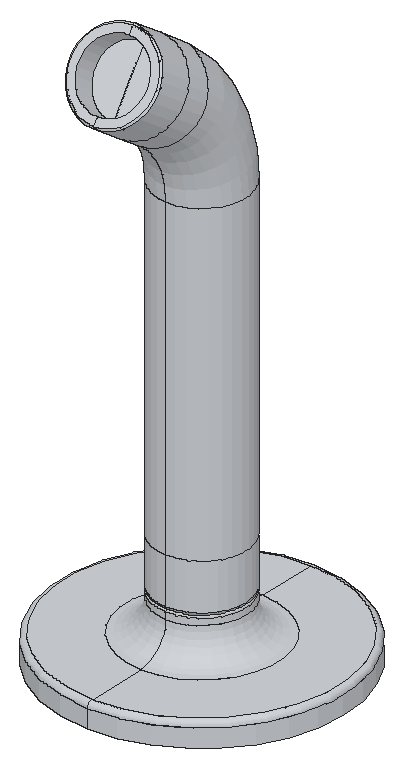
Revit family "Faucet-Wall_Mount-Bath_Spout-KOHLER-PURIST-K-14426T", category Plumbing Fixtures, host Face, Revit 2017
Family settings
  Host = Face
  Round Connector Dimension = Use Diameter
  Part Type = Normal
  OmniClass Number = 23.31.11.00
  OmniClass Title = Faucets
  Cut with Voids When Loaded = No
  Shared = No
  Room Calculation Point = No
Parameters (values of type "CP-Polished Chrome")
  Width = 4"  # constant formula
  WaterSense Certified = 1 = 0  # no
  Waste Water Outlet = "Waste Water Outlet"  # constant formula
  Waste Connection = 1 = 0  # no
  Vent Connection = 1 = 0  # no
  URL = "http://www.kohler.com.cn/en/"
  Type = 1
  Spout Reach = Length  # 8 1/32"
  Product Page URL = "http://www.kohler.com.cn/product/K-14426T-CP/K-14426T-CP/"
  Product Name = "PURIST"  # constant formula
  Product Documentation Link = "http://files.kohler.com.cn/pdfs/k_14426t.pdf"
  Pressure = 0.00 psi
  Model = if(Type = 1, "K-14426T-CP", if(Type = 2, "K-14426T-RGD", if(Type = 3, "K-14426T-BN", if(Type = 4, "K-14426T-SN", if(Type = 5, "K-14426T-PGD", "NA")))))  # "K-14426T-CP"
  Material = "Premium Metal Construction"  # constant formula
  Master Format 2014 Name = "Residential Faucets, Supplies, and Trim"  # constant formula
  Master Format 2014 = "22 41 39"  # constant formula
  Manufacturer Address = "158 Jiangchang 3rd Road Zhabei District Shanghai, 200436 China"  # constant formula
  Manufacturer = "KOHLER Co."  # constant formula
  Length = 8 1/32"  # constant formula
  Hot Water Inlet = "Tempered Water Inlet"  # constant formula
  Height = 4"  # constant formula
  HW Connection = 1 = 1  # yes
  Flow Rate = 0 GPM
  Finish = Kohler-Metal-CP-Polished_Chrome
  Environmental Product Declaration = ""
  Drain Included = 1 = 0  # no
  Description = "Outlet of Bathtub"  # constant formula
  Default Elevation = 36"
  Declare Label = ""
  Date Modified = "06/10/2020"  # constant formula
  Date Created = "06/10/2020"  # constant formula
  Copyright = "Copyright KOHLER Co."  # constant formula
  Contact Us = "http://www.kohler.com.cn/en/contact/contact-us/"
  Cold Water Inlet = "Cold Water Inlet"  # constant formula
  CW Connection = 1 = 1  # yes
  Assembly Code = "D2010"
  ADA Compliant = 1 = 0  # no
Types (6): name | Type | Model | Finish | Assembly Code
  (no name) | 1 | "K-14426T-CP" | Kohler-Metal-CP-Polished_Chrome | "D2010"
  CP-Polished Chrome | 1 | "K-14426T-CP" | Kohler-Metal-CP-Polished_Chrome | "D2010"
  RGD-Rose Gold | 2 | "K-14426T-RGD" | Kohler-Metal-BGD-Romankin | "D2010700"
  BN-Roman Silver | 3 | "K-14426T-BN" | Kohler-Metal-BN-Roman_Silver | "D2010700"
  SN-Champagne Gold | 4 | "K-14426T-SN" | Kohler-Metal-SN-Champagne_Gold | "D2010700"
  PGD-Eternal Gold | 5 | "K-14426T-PGD" | Kohler-Metal-PGD-Eternal_Gold | "D2010700"
Reference planes (in)
  plane 1 "Center (Front/Back)": y = 0
  plane 2: z = 0
  plane 3 "Center (Left/Right)": x = 0
  plane 4: x = -2
  plane 5: y = 2
  plane 6: x = 2
  plane 7: y = -2
  plane 8: z = 8.03125
Dimensions and locks (in)
  "Length": plane 8 to level
  "Width": plane 4 to plane 6
  "Height": plane 5 to plane 7
  aligned and locked: plane 2 to host face
  aligned and locked: level to host face
Automatic sketch dimensions
  host sketch curve to host sketch curve = 96"  (x2)
Nested families (in)
  nested 1: "K-14426T" at (0, 0, 0), type "K-14426T"
Connectors (in)
  piping at (0, 0, 0), diameter 0.5, driven by "Flow Rate", driven by "HW Connection", driven by "Hot Water Inlet"
    settings: on nested 1, index 1, connector inside diameter 24", connector length 0", flow factor 0, pipe flow 0 GPM, pressure drop 0.00 psi, fitting loss kfactor 0, connector angle 0.00°, fixture units 0, engagement length 0", angle of deflection 0.00°, flow configuration 0, flow direction 1, fitting loss method 0, system type 19, joint type 0, gender type 0, connector reference index -1, connector utility 1, adjustable connector no, is connector primary yes, connector description "Tempered Water Inlet"
Definition of nested family "K-14426T"
  Parameters (values of type "K-14426T")
    Material = none
  Reference planes (in)
    plane 1 "Center (Front/Back)": y = 0
    plane 2: z = 0
    plane 3 "Center (Left/Right)": x = 0
    plane 4: x = -2
    plane 5: y = 2
    plane 6: y = -2
    plane 7: x = 2
    plane 8: z = 8.0315
    plane 9: y = 0.625
    plane 10: y = -0.625
  Forms (in)
    Revolve 1, solid, material <- "Material", detail levels medium+fine
      sketch origin (0, 0, 0) x (0, 1, 0) y (0, 0, 1)
        loop
          line (1.99996, 0) -> (1.99996, 0.26058)
          arc (1.99996, 0.26058) -> (1.97689, 0.31628) -> (1.92119, 0.33935) r 0.07877
          line (1.92119, 0.33935) -> (1.06346, 0.33935)
          arc (1.06346, 0.33935) -> (0.75342, 0.46778) -> (0.625, 0.77781) r 0.43846
          line (0.625, 0.77781) -> (0.625, 0.86726)
          arc (0.625, 0.86726) -> (0.61519, 0.89029) -> (0.59179, 0.89918) r 0.03195
          arc (0.59179, 0.89918) -> (0.61535, 0.90977) -> (0.625, 0.93372) r 0.03457
          line (0.625, 0.93372) -> (0.625, 1.58646) -> (0.40507, 1.76456) -> (0, 1.76456) -> (0, 0) -> (1.99996, 0)
        axis (0, 1.76456) -> (0, 0)
      angle from 0 to 360
    Sweep 2, solid, material <- "Material", detail levels medium+fine
      path origin (0, 0, 0) x (0, 1, 0) y (0, 0, 1)
        loop
          line (0, 1.58646) -> (0, 6.02921)
          arc (0, 6.02921) -> (-0.19773, 6.83727) -> (-0.74624, 7.46272) r 1.75
          line (-0.74624, 7.46272) -> (-1.09029, 7.70363)
      profile origin (0, 0, 1.58646) x (0, -1, 0) y (1, 0, 0)
        loop
          circle (0, 0) r 0.625
    Revolve 3, solid, material <- "Material", detail levels medium+fine
      sketch origin (0, 0, 0) x (0, 1, 0) y (0, 0, 1)
        loop
          line (-1.21405, 8.52064) -> (-1.27898, 8.4279) -> (-0.99806, 8.2312) -> (-1.27628, 7.83386) -> (-0.96257, 7.6142) -> (-0.67037, 8.0315) -> (-0.7318, 8.2156) -> (-1.18249, 8.53117) -> (-1.21405, 8.52064)
        axis (-1.5572, 8.03056) -> (-0.96257, 7.6142)
      angle from 0 to 360
    Sweep 4, solid, material <- "Material", detail levels coarse
      path origin (0, 0, 0) x (0, 1, 0) y (0, 0, 1)
        loop
          line (0, 0.33935) -> (0, 6.0916)
          arc (0, 6.0916) -> (-0.18439, 6.84514) -> (-0.6959, 7.4284) r 1.63194
          line (-0.6959, 7.4284) -> (-1.5572, 8.0315)
      profile origin (0, 0, 0.33935) x (0, -1, 0) y (1, 0, 0)
        loop
          circle (0, 0) r 0.625
    Extrusion 5, solid, material <- "Material", detail levels coarse
      sketch origin (0, 0, 0) x (1, 0, 0) y (0, 1, 0)
        loop
          circle (0, 0) r 2
      from 0 to 0.33935
  Cuts and joins
    joined: Revolve 1, Sweep 2, Revolve 3
    joined: Sweep 4, Extrusion 5
  Lines and regions (in)
    Masking region 1
      outline origin (0, 0, 0) x (0, 1, 0) y (0, 0, 1)
        loop
          line (1.99996, 0) -> (1.99996, 0.26163)
          arc (1.99996, 0.26163) -> (1.97719, 0.31659) -> (1.92224, 0.33935) r 0.07772
          line (1.92224, 0.33935) -> (1.05821, 0.33935)
          arc (1.05821, 0.33935) -> (0.75188, 0.46624) -> (0.625, 0.77257) r 0.43321
          line (0.625, 0.77257) -> (0.625, 0.86738)
          arc (0.625, 0.86738) -> (0.61591, 0.88967) -> (0.59383, 0.89925) r 0.03189
          arc (0.59383, 0.89925) -> (0.61583, 0.90793) -> (0.625, 0.92973) r 0.03048
          line (0.625, 0.92973) -> (0.625, 6.0335)
          arc (0.625, 6.0335) -> (0.35738, 7.12717) -> (-0.385, 7.9737) r 2.36855
          line (-0.385, 7.9737) -> (-1.17682, 8.52813) -> (-1.21405, 8.52157) -> (-1.90035, 7.54142) -> (-1.89379, 7.50419) -> (-1.1036, 6.9509)
          arc (-1.1036, 6.9509) -> (-0.75182, 6.54976) -> (-0.625, 6.03151) r 1.12237
          line (-0.625, 6.03151) -> (-0.625, 0.92973)
          arc (-0.625, 0.92973) -> (-0.61583, 0.90793) -> (-0.59383, 0.89925) r 0.03048
          arc (-0.59383, 0.89925) -> (-0.61591, 0.88967) -> (-0.625, 0.86738) r 0.03189
          line (-0.625, 0.86738) -> (-0.625, 0.77257)
          arc (-0.625, 0.77257) -> (-0.75188, 0.46624) -> (-1.05821, 0.33935) r 0.43321
          line (-1.05821, 0.33935) -> (-1.92224, 0.33935)
          arc (-1.92224, 0.33935) -> (-1.97719, 0.31659) -> (-1.99996, 0.26163) r 0.07772
          line (-1.99996, 0.26163) -> (-1.99996, 0) -> (1.99996, 0)
    Masking region 2
      outline origin (0, 0, 0) x (1, 0, 0) y (0, 0, 1)
        loop
          line (2, 0) -> (2, 0.26163)
          arc (2, 0.26163) -> (1.97723, 0.31659) -> (1.92228, 0.33935) r 0.07772
          line (1.92228, 0.33935) -> (1.04207, 0.33935)
          arc (1.04207, 0.33935) -> (0.74716, 0.46151) -> (0.625, 0.75642) r 0.41707
          line (0.625, 0.75642) -> (0.625, 0.86821)
          arc (0.625, 0.86821) -> (0.61522, 0.89082) -> (0.59204, 0.89919) r 0.03104
          arc (0.59204, 0.89919) -> (0.61547, 0.91019) -> (0.625, 0.93425) r 0.03513
          line (0.625, 0.93425) -> (0.625, 8.014)
          spline (0.625, 8.014) -> (0.6037, 8.14651) -> (0.54127, 8.26999) -> (0.44194, 8.37602) -> (0.3125, 8.45738) -> (0.16176, 8.50853) -> (0, 8.52597) -> (-0.16176, 8.50853) -> (-0.3125, 8.45738) -> (-0.44194, 8.37602) -> (-0.54127, 8.26999) -> (-0.6037, 8.14651) -> (-0.625, 8.014)
          line (-0.625, 8.014) -> (-0.625, 0.93425)
          arc (-0.625, 0.93425) -> (-0.61547, 0.91019) -> (-0.59204, 0.89919) r 0.03513
          arc (-0.59204, 0.89919) -> (-0.61522, 0.89082) -> (-0.625, 0.86821) r 0.03104
          line (-0.625, 0.86821) -> (-0.625, 0.75642)
          arc (-0.625, 0.75642) -> (-0.74716, 0.46151) -> (-1.04207, 0.33935) r 0.41707
          line (-1.04207, 0.33935) -> (-1.92228, 0.33935)
          arc (-1.92228, 0.33935) -> (-1.97723, 0.31659) -> (-2, 0.26163) r 0.07772
          line (-2, 0.26163) -> (-2, 0) -> (2, 0)
    Masking region 3
      outline origin (0, 0, 0) x (1, 0, 0) y (0, 1, 0)
        loop
          arc (-2, 0) -> (-1.41421, -1.41421) -> (0, -2) r 2
          arc (0, -2) -> (1.41421, -1.41421) -> (2, 0) r 2
          arc (2, 0) -> (1.41421, 1.41421) -> (0, 2) r 2
          arc (0, 2) -> (-1.41421, 1.41421) -> (-2, 0) r 2
    symbolic lines, detail levels medium+fine
      curve 1: line (0, 1.10825, 0.33935) -> (0, -1.10825, 0.33935)
      curve 2: line (0, 0.59238, 0.89921) -> (0, -0.59238, 0.89921)
      curve 3: line (0, -0.73136, 8.21622) -> (0, -1.44833, 7.19228)
      curve 4: line (1.10825, 0, 0.33935) -> (-1.10825, 0, 0.33935)
      curve 5: line (0.59238, 0, 0.89921) -> (-0.59238, 0, 0.89921)
      curve 6: spline (0.625, 0, 7.70363) -> (0.6037, 0, 7.83613) -> (0.54127, 0, 7.95961) -> (0.44194, 0, 8.06564) -> (0.3125, 0, 8.147) -> (0.16176, 0, 8.19815) -> (0, 0, 8.2156) -> (-0.16176, 0, 8.19815) -> (-0.3125, 0, 8.147) -> (-0.44194, 0, 8.06564) -> (-0.54127, 0, 7.95961) -> (-0.6037, 0, 7.83613) -> (-0.625, 0, 7.70363)
      curve 7: spline (0.48506, -1.5572, 0) -> (0.46853, -1.62921, 0) -> (0.42007, -1.69631, 0) -> (0.34299, -1.75393, 0) -> (0.24253, -1.79815, 0) -> (0.12554, -1.82594, 0) -> (0, -1.83542, 0) -> (-0.12554, -1.82594, 0) -> (-0.24253, -1.79815, 0) -> (-0.34299, -1.75393, 0) -> (-0.42007, -1.69631, 0) -> (-0.46853, -1.62921, 0) -> (-0.48506, -1.5572, 0) -> (-0.46853, -1.48519, 0) -> (-0.42007, -1.41809, 0) -> (-0.34299, -1.36047, 0) -> (-0.24253, -1.31626, 0) -> (-0.12554, -1.28846, 0) -> (0, -1.27898, 0) -> (0.12554, -1.28846, 0) -> (0.24253, -1.31626, 0) -> (0.34299, -1.36047, 0) -> (0.42007, -1.41809, 0) -> (0.46853, -1.48519, 0) -> (0.48506, -1.5572, 0)
      curve 8: spline (0.59827, -1.5572, 0) -> (0.57788, -1.64602, 0) -> (0.51812, -1.72878, 0) -> (0.42304, -1.79985, 0) -> (0.29913, -1.85438, 0) -> (0.15484, -1.88866, 0) -> (0, -1.90035, 0) -> (-0.15484, -1.88866, 0) -> (-0.29913, -1.85438, 0) -> (-0.42304, -1.79985, 0) -> (-0.51812, -1.72878, 0) -> (-0.57788, -1.64602, 0) -> (-0.59827, -1.5572, 0) -> (-0.57788, -1.46839, 0) -> (-0.51812, -1.38563, 0) -> (-0.42304, -1.31456, 0) -> (-0.29913, -1.26002, 0) -> (-0.15484, -1.22574, 0) -> (0, -1.21405, 0) -> (0.15484, -1.22574, 0) -> (0.29913, -1.26002, 0) -> (0.42304, -1.31456, 0) -> (0.51812, -1.38563, 0) -> (0.57788, -1.46839, 0) -> (0.59827, -1.5572, 0)
      curve 9: spline (0.625, -1.09029, 0) -> (0.6037, -0.9975, 0) -> (0.54127, -0.91104, 0) -> (0.44194, -0.8368, 0) -> (0.3125, -0.77983, 0) -> (0.16176, -0.74401, 0) -> (0, -0.7318, 0) -> (-0.16176, -0.74401, 0) -> (-0.3125, -0.77983, 0) -> (-0.44194, -0.8368, 0) -> (-0.54127, -0.91104, 0) -> (-0.6037, -0.9975, 0) -> (-0.625, -1.09029, 0)
      curve 10: arc (-0.625, 0, 0) -> (0, 0.625, 0) -> (0.625, 0, 0) r 0.625
      curve 11: line (-0.625, 0, 0) -> (-0.625, -1.54097, 0)
      curve 12: line (0.625, 0, 0) -> (0.625, -1.54097, 0)
      curve 13: spline (0, -1.89946, 0) -> (-0.16176, -1.88724, 0) -> (-0.3125, -1.85143, 0) -> (-0.44194, -1.79446, 0) -> (-0.54127, -1.72021, 0) -> (-0.6037, -1.63375, 0) -> (-0.625, -1.54097, 0) -> (-0.6037, -1.44819, 0) -> (-0.54127, -1.36173, 0) -> (-0.44194, -1.28748, 0) -> (-0.3125, -1.23051, 0) -> (-0.16176, -1.1947, 0) -> (0, -1.18249, 0)
      curve 14: spline (0, -1.18249, 0) -> (0.16176, -1.1947, 0) -> (0.3125, -1.23051, 0) -> (0.44194, -1.28748, 0) -> (0.54127, -1.36173, 0) -> (0.6037, -1.44819, 0) -> (0.625, -1.54097, 0) -> (0.6037, -1.63375, 0) -> (0.54127, -1.72021, 0) -> (0.44194, -1.79446, 0) -> (0.3125, -1.85143, 0) -> (0.16176, -1.88724, 0) -> (0, -1.89946, 0)
      curve 15: spline (0, -1.5545, 0) -> (-0.04179, -1.55347, 0) -> (-0.08328, -1.55037, 0) -> (-0.12414, -1.54524, 0) -> (-0.16408, -1.5381, 0) -> (-0.2028, -1.52902, 0) -> (-0.24001, -1.51806, 0) -> (-0.27544, -1.5053, 0) -> (-0.30881, -1.49083, 0) -> (-0.33989, -1.47477, 0) -> (-0.36845, -1.45724, 0) -> (-0.39426, -1.43835, 0) -> (-0.41714, -1.41827, 0)
      curve 16: spline (0.41772, -1.41771, 0) -> (0.39486, -1.43787, 0) -> (0.36906, -1.45682, 0) -> (0.3405, -1.47443, 0) -> (0.3094, -1.49056, 0) -> (0.27598, -1.50508, 0) -> (0.2405, -1.51789, 0) -> (0.20323, -1.5289, 0) -> (0.16443, -1.53803, 0) -> (0.12441, -1.54519, 0) -> (0.08346, -1.55035, 0) -> (0.04189, -1.55346, 0) -> (0, -1.5545, 0)
      curve 17: line (-0.625, 0, 0.75642) -> (0.625, 0, 0.75642)
      curve 18: line (0, 0.625, 0.77257) -> (0, -0.625, 0.77257)
  Dimensions and locks (in)
    aligned and locked: plane 2 to level
